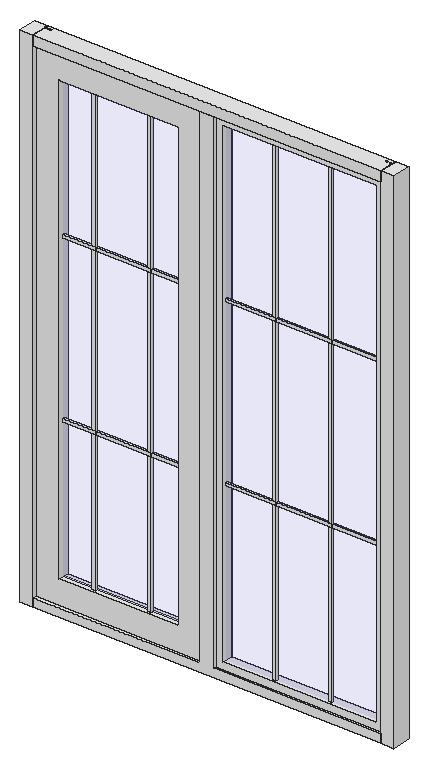
Revit family "Door_Curtain_Wall-Outswing_With_Sidelite-Traco-NX-8910-One_Panel", category Curtain Panels, Revit 2015 (continued)
Definition of nested family "Muntin-Grid-Traco-Lites"
  Dimensions and locks (in)
    aligned and locked: nested 5 to plane 12 "Bar Last Vertical"
    aligned and locked: nested 6 to plane 13 "Bar Last Horizontal"
    aligned and locked: plane 6 "Bottom" to nested 5
  Automatic sketch dimensions
    Extrusion 1 sketch curve to Extrusion 1 sketch curve = 8' - 0"  (x2)
  Nested families (in)
    nested 1: "Muntin-Trapezoid-Traco-Single" at (0, 0, 0.4375), Length <- "Length", visible <- "CTRL Bar Vertical Visibility", type <- "Muntin Type", Material <- "Material", type "H-081"
      with Material none, Length 4' - 0"
    nested 2: "Muntin-Trapezoid-Traco-Single" at (0, 0, 0.4375) x (0, 1, 0) z (0, 0, 1), Length <- "Sash Height", visible <- "CTRL Bar Horizontal Visibility", type <- "Muntin Type", Material <- "Material", type "H-081"
      with Material none, Length 4' - 0"
    nested 3: "Muntin-Trapezoid-Traco-Single" at (0, -8, 0.4375) x (-1, 0, 0) z (0, 0, 1), Length <- "Length", visible <- "CTRL Array Horizontal Visibility", type <- "Muntin Type", Material <- "Material", type "H-081"
      with Material none, Length 4' - 0"
    nested 4: "Muntin-Trapezoid-Traco-Single" at (-8, 0, 0.4375) x (0, -1, 0) z (0, 0, 1), Length <- "Sash Height", visible <- "CTRL Array Horizontal Visibility", type <- "Muntin Type", Material <- "Material", type "H-081"
      with Material none, Length 4' - 0"
    nested 5: "Muntin-Trapezoid-Traco-Single" at (0, 8, 0.4375) x (-1, 0, 0) z (0, 0, 1), Length <- "Length", visible <- "CTRL Array Horizontal Visibility", type <- "Muntin Type", Material <- "Material", type "H-081"
      with Material none, Length 4' - 0"
    nested 6: "Muntin-Trapezoid-Traco-Single" at (8, 0, 0.4375) x (0, -1, 0) z (0, 0, 1), Length <- "Sash Height", visible <- "CTRL Array Horizontal Visibility", type <- "Muntin Type", Material <- "Material", type "H-081"
      with Material none, Length 4' - 0"
  Definition of nested family "Muntin-Trapezoid-Traco-Single"
    Parameters
      Width Top = 0' - 0 7/16"
      Width Base = 0' - 1"
      URL = "http://www.alcoa.com/traco/en/home.asp"
      Product Page URL = "http://www.alcoa.com/traco/en/product.asp?prod_id=4228"
      Product Documentation Link = "http://www.alcoa.com/traco/en/cad_spec.asp?prod_id=4228&area=prod"
      Material [instance] = none
      Manufacturer = "Traco"  # constant formula
      Length [instance] = 1' - 0"
      Height = 0' - 0 5/8"
      Description = "Trapezoidal Profile"
      Copyright © = "2011 Traco"  # constant formula
    Reference planes (in)
      plane 1 "Center (Front/Back)": y = 0
      plane 2 "Original Bottom": z = 0
      plane 3 "Center (Left/Right)": x = 0
      plane 4 "Left": x = -6
      plane 5 "Right": x = 6
      plane 6 "Back": y = 0.5
      plane 7 "Front": y = -0.5
      plane 8 "Back Inset": y = 0.21875
      plane 9 "Front Inset": y = -0.21875
      plane 10 "Top": z = 0.625
      plane 11 "Bottom": z = 0
    Forms (in)
      Sweep 1, solid, material <- "Material", detail levels medium+fine
        path origin (0, 0, 0) x (0, -1, 0) y (1, 0, 0)
          loop
            line (0, 6) -> (0, -6)
        profile origin (0, 0, 0) x (0, -1, 0) y (0, 0, 1)
          loop
            line (0.5, 0) -> (0.21875, 0.625) -> (-0.21875, 0.625) -> (-0.5, 0) -> (0.5, 0)
    Lines and regions (in)
      Masking region 1, detail levels medium+fine
        outline origin (0, 0, 0) x (0, 1, 0) y (0, 0, 1)
          loop
            line (0.5, 0) -> (0.21875, 0.625) -> (-0.21875, 0.625) -> (-0.5, 0) -> (0.5, 0)
      Masking region 2, detail levels medium+fine
        outline origin (0, 0, 0) x (1, 0, 0) y (0, 1, 0)
          loop
            line (6, -0.5) -> (6, 0.5) -> (-6, 0.5) -> (-6, -0.5) -> (6, -0.5)
      Masking region 3, detail levels medium+fine
        outline origin (0, 0, 0) x (1, 0, 0) y (0, 0, 1)
          loop
            line (6, 0) -> (6, 0.625) -> (-6, 0.625) -> (-6, 0) -> (6, 0)
      symbolic lines, detail levels coarse
        curve 1: line (0, 0, 0) -> (0, 0, 0.625)
        curve 2: line (-6, 0, 0) -> (6, 0, 0)
        curve 3: line (-6, 0, 0) -> (-6, 0, 0.625)
        curve 4: line (-6, 0, 0.625) -> (6, 0, 0.625)
        curve 5: line (6, 0, 0.625) -> (6, 0, 0)
      model lines, detail levels coarse
        curve 6: line (-6, 0, 0) -> (6, 0, 0)
    Dimensions and locks (in)
      equal spacing: plane 4 "Left", plane 3 "Center (Left/Right)", plane 5 "Right"
      "Length": plane 4 "Left" to plane 5 "Right"
      equal spacing: plane 6 "Back", plane 1 "Center (Front/Back)", plane 7 "Front"
      "Width Base": plane 7 "Front" to plane 6 "Back"
      equal spacing: plane 8 "Back Inset", plane 1 "Center (Front/Back)", plane 9 "Front Inset"
      "Width Top": plane 9 "Front Inset" to plane 8 "Back Inset"
      locked: plane 11 "Bottom" to plane 2 "Original Bottom" at 0
      "Height": plane 10 "Top" to plane 11 "Bottom"
      aligned and locked: plane 2 "Original Bottom" to level
      aligned and locked: plane 4 "Left" to Sweep 1 sketch curve
      aligned and locked: Sweep 1 sketch curve to plane 1 "Center (Front/Back)"
      aligned and locked: plane 5 "Right" to Sweep 1 sketch curve
      aligned and locked: plane 7 "Front" to Sweep 1 sketch curve
      aligned and locked: plane 11 "Bottom" to Sweep 1 sketch curve  (x2)
      aligned and locked: plane 6 "Back" to Sweep 1 sketch curve
      aligned and locked: plane 10 "Top" to Sweep 1 sketch curve
      aligned and locked: plane 8 "Back Inset" to Sweep 1 sketch curve
      aligned and locked: plane 9 "Front Inset" to Sweep 1 sketch curve
      aligned and locked: Sweep 1 sketch curve to plane 10 "Top"
      aligned and locked: Masking region 1 sketch curve to plane 11 "Bottom"
      aligned and locked: plane 10 "Top" to Masking region 1 sketch curve
      aligned and locked: plane 8 "Back Inset" to Masking region 1 sketch curve
      aligned and locked: plane 9 "Front Inset" to Masking region 1 sketch curve
      aligned and locked: plane 7 "Front" to Masking region 1 sketch curve
      aligned and locked: plane 6 "Back" to Masking region 1 sketch curve
      aligned and locked: curve 1 to plane 1 "Center (Front/Back)"
      aligned and locked: plane 11 "Bottom" to curve 1
      aligned and locked: plane 10 "Top" to curve 1
      aligned and locked: plane 4 "Left" to curve 2
      aligned and locked: plane 5 "Right" to curve 2
      aligned and locked: plane 1 "Center (Front/Back)" to curve 2
      aligned and locked: Masking region 2 sketch curve to plane 4 "Left"
      aligned and locked: Masking region 2 sketch curve to plane 5 "Right"
      aligned and locked: Masking region 2 sketch curve to plane 6 "Back"
      aligned and locked: Masking region 2 sketch curve to plane 7 "Front"
      aligned and locked: Masking region 3 sketch curve to plane 4 "Left"
      aligned and locked: Masking region 3 sketch curve to plane 5 "Right"
      aligned and locked: plane 11 "Bottom" to Masking region 3 sketch curve
      aligned and locked: Masking region 3 sketch curve to plane 10 "Top"
      aligned and locked: plane 11 "Bottom" to curve 3
      aligned and locked: plane 11 "Bottom" to curve 5
      aligned and locked: curve 5 to plane 5 "Right"
      aligned and locked: curve 3 to plane 4 "Left"
      aligned and locked: curve 4 to plane 10 "Top"
      aligned and locked: plane 5 "Right" to curve 6
      aligned and locked: plane 4 "Left" to curve 6
      aligned and locked: plane 1 "Center (Front/Back)" to curve 6
